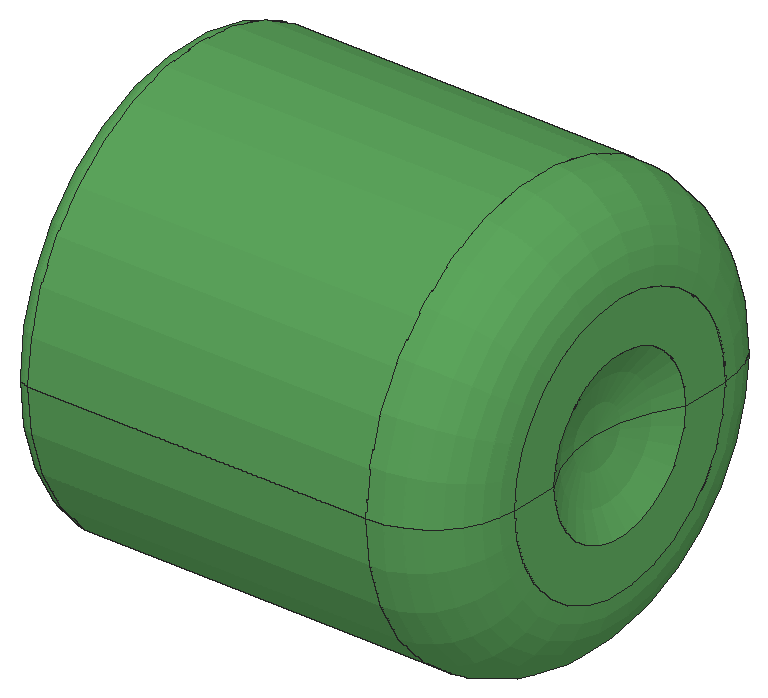
Revit family "Aquatherm_Заглушка", category Соединительные детали трубопроводов, Revit 2019
Family settings
  Размер круглого соединителя = Использовать диаметр
  Тип детали = Заглушка
  На основе рабочей плоскости = Нет
  Всегда вертикально = Да
  При загрузке вырезать с полостями = Нет
  Общий = Нет
Parameters (values of type "SDR 11")
  Материал_Корпус = AquaTherm green pipe
  z [instance] = size_lookup("Заглушка", "z", 5 mm, d)  # 13.5 mm
  URL = "www.agpipe.ru"
  SDR = 11 mm
  L [instance] = size_lookup("Заглушка", "L", 50 mm, d)  # 26.5 mm
  d [instance] = 16 mm
  D [instance] = size_lookup("Заглушка", "D", d + 10 mm, d)  # 26 mm
  ADSK_Примечание = ""
  ADSK_Позиция [instance] = ""
  ADSK_Обозначение = ""
  ADSK_Наименование [instance] = size_lookup("Заглушка", "ADSK_Наименование", "Нет в каталоге", d)  # "Заглушка DN16"
  ADSK_Масса_Текст [instance] = size_lookup("Заглушка", "ADSK_Масса_Текст", "Нет в каталоге", d)  # "0.008"
  ADSK_Код изделия [instance] = size_lookup("Заглушка", "ADSK_Код изделия", "Нет в каталоге", d)  # "14106"
  ADSK_Завод-изготовитель = "Aquatherm"  # constant formula
  ADSK_Единица измерения = "шт."  # constant formula
Types (5, lengths in mm): name | SDR
  (no name) | 11
  SDR 6 | 6
  SDR 7.4 | 7.4
  SDR 9 | 9
  SDR 11 | 11
Reference planes
  plane 1 "По центру (Вперед/Назад)": y = 0
  plane 2: z = 0
  plane 3 "По центру (Влево/Вправо)": x = 0
  plane 4: y = -13
  plane 5: y = 13
  plane 6: x = -13.25
  plane 7: x = 13.25
  plane 8: x = -0.25
  plane 9: y = -8
  plane 10: y = 8
Forms (mm)
  Revolve 1, solid, material "AquaTherm green pipe" <- "Материал_Корпус"
    sketch origin (0, 0, 0) x (1, 0, 0) y (0, 1, 0)
      loop
        arc (-12.25, 13) -> (-12.957, 12.707) -> (-13.25, 12) r 1
        line (-13.25, 12) -> (-13.25, 8.975)
        arc (-13.25, 8.975) -> (-12.964, 8.286) -> (-12.275, 8) r 0.975
        line (-12.275, 8) -> (-0.25, 8) -> (-0.25, 0) -> (11.672, 0)
        arc (11.672, 0) -> (12.076, 2.622) -> (13.25, 5) r 8.71
        line (13.25, 5) -> (13.25, 8)
        arc (13.25, 8) -> (11.786, 11.536) -> (8.25, 13) r 5
        line (8.25, 13) -> (-12.25, 13)
      axis (13.25, 0) -> (-13.25, 0)
    angle from 0 to 360
Dimensions and locks
  equal spacing: plane 4, plane 1 "По центру (Вперед/Назад)", plane 5
  "D": plane 4 to plane 5
  equal spacing: plane 6, plane 3 "По центру (Влево/Вправо)", plane 7
  "L": plane 6 to plane 7
  "z": plane 8 to plane 7
  equal spacing: plane 10, plane 1 "По центру (Вперед/Назад)", plane 9
  "d": plane 10 to plane 9
  locked: plane 1 "По центру (Вперед/Назад)" to Revolve 1 sketch curve at 5
  locked: Revolve 1 sketch curve to plane 7 at 1.578
  aligned and locked: level to plane 2
  aligned and locked: plane 6 to Revolve 1 sketch curve
  aligned and locked: Revolve 1 sketch curve to plane 10
  aligned and locked: Revolve 1 sketch curve to plane 5
  aligned and locked: Revolve 1 sketch curve to plane 7
  aligned and locked: plane 8 to Revolve 1 sketch curve
  aligned and locked: Revolve 1 sketch curve to plane 1 "По центру (Вперед/Назад)"  (x2)
Automatic sketch dimensions
  plane 10 to Revolve 1 sketch curve = 0 mm
  Revolve 1 sketch curve to Revolve 1 sketch curve = 0.975 mm
  Revolve 1 sketch curve to plane 5 = 1 mm
  Revolve 1 sketch curve to plane 6 = 8.868 mm
  Revolve 1 sketch curve to Revolve 1 sketch curve = 0 mm
Connectors
  piping at (-0.25, 0, 0), diameter 16, driven by "d"
    settings: on Revolve 1, index 1, connector inside diameter 609.6 mm, connector length 0 mm, flow factor 0, pipe flow 0.0 L/s, pressure drop 0.0 Pa, fitting loss kfactor 0, connector angle 0.00°, fixture units 0, engagement length 0 mm, angle of deflection 0.00°, flow configuration 0, flow direction 0, fitting loss method 0, system type 28, joint type 0, gender type 0, connector reference index -1, connector utility 0, adjustable connector no, is connector primary yes, connector description ""
